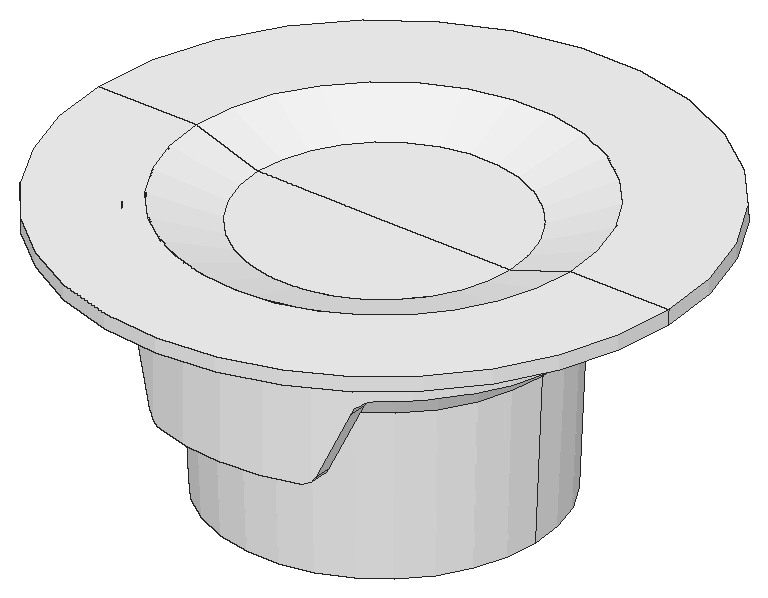
Revit family "0053587 Feilo Sylvania Lighting Fixture START SPOT LED DIM 4000K IP65 G2", category Lighting Fixtures, host Face, Revit 2017
Family settings
  Host = Face
  Round Connector Dimension = Use Diameter
  Part Type = Normal
  OmniClass Number = 23.80.70.00
  OmniClass Title = Lighting
  Cut with Voids When Loaded = No
  Light Source = Yes
  Shared = No
  Room Calculation Point = No
Parameters (values of type "0053587 START SPOT LED DIM 4000K IP65 G2")
  Weight = "3.648 kg"
  Wattage Comments = ""
  Wattage = 7 W
  WarrantyStartDate [instance] = "n/a"
  WarrantyGuarantorParts = "n/a"
  WarrantyDurationUnit = "n/a"
  WarrantyDurationParts = "n/a"
  WarrantyDescription = "n/a"
  built-in parameter 1150110 = 1 (stored number, unit not read)
  Voltage = 230 V
  VisibilityTop_FEILO = no
  URL = "http://www.sylvania-lighting.com"
  TypeName = "START SPOT LED DIM 4000K IP65 G2"
  Type Image = <None>
  Type Comments = "n/a"
  built-in parameter 1114217 = 1 (stored number, unit not read)
  Tilt Angle = -90.00°
  built-in parameter 1150109 = 1 (stored number, unit not read)
  built-in parameter 1150134 = 12
  built-in parameter 1150113 = 1 (stored number, unit not read)
  SerialNumber [instance] = "n/a"
  RadiusOptics_FEILO = 98.5 mm
  RadiusDiffuser_FEILO = 19 mm
  RadiusCutout_FEILO = 36 mm
  Photometric Web File = "0053587.ies"
  Material_3_FEILO = none
  PowerFactor = 0
  PowerConsumption = "7 W"
  NominalLength = 41 mm
  NominalHeight = 41 mm
  NominalDepth = 86 mm
  Name = "START SPOT LED DIM 4000K IP65 G2"
  ModelReference = Name  # "START SPOT LED DIM 4000K IP65 G2"
  ModelNumber = "0053587"
  Model = Name  # "START SPOT LED DIM 4000K IP65 G2"
  Material = "n/a"
  ManufacturerName = "Feilo Sylvania"
  Manufacturer = "Feilo Sylvania"
  LuminousEfficacy = "82.85 lm/W"
  built-in parameter 1150105 = 46.155 (stored number, unit not read)
  Lumens = 580 lm
  LuminaireType = ""
  built-in parameter 1150115 = 1 (stored number, unit not read)
  LightOutputRatio = "n/a"
  built-in parameter 1150137 = (empty or 0)
  built-in parameter 1150139 = (empty or 0)
  LampsType = Lamp  # "LED"
  LampNominalLuminous = "580 lm"
  LampMacAdamStep = "n/a"
  LampColourTemperature = "4000 K"
  LampColourRenderingIndex = "80"
  built-in parameter 1150112 = 1 (stored number, unit not read)
  built-in parameter 1150114 = 1 (stored number, unit not read)
  Lamp = "LED"
  Keynote = "16500"
  InstallationDate [instance] = "n/a"
  InputVoltage = "220-240V~"
  InputNominalFrequency = "50/60 Hz"
  built-in parameter 1150132 = (empty or 0)
  built-in parameter 1150102 = (empty or 0)
  built-in parameter 1150107 = 4000 (stored number, unit not read)
  built-in parameter 1150138 = (empty or 0)
  IngressProtection = "IP65"
  ImpactProtectionIndex = "IK03"
  built-in parameter 1150106 = 0.46155 (stored number, unit not read)
  IfcExportType = "IfcLightFixtureType"
  IfcExportAs = "IfcLightFixtureType"
  HeightBezel_FEILO = 2 mm
  ExpectedLife = 50000
  Emit from Circle Diameter = 38 mm
  Emit Shape Visible in Rendering = no
  ElectricShockClassification = "Class II"
  built-in parameter 1150104 = 7.6977 (stored number, unit not read)
  DurationUnit = "hours"
  DocumentationLiterature = "http://www.sylvania-lighting.com/product/en-int/products/0053587"
  DimmingControlOptions = "n/a"
  Material_2_FEILO = LED-Sylvania-StartSpot
  Dimming Lamp Color Temperature Shift = <None>
  DiameterBezel_FEILO = 86 mm
  Description = "Integrated dimmable LED IP65 fixed downlight, RAL9016, 580LM, 7W, 4000K, 100 degree beam angle, polycarbonate white body, low profile 41mm recessed depth, 86mm bezel diameter, 65-74mm cutout, frosted lens."
  DepthDiffuser_FEILO = 3 mm
  Default Elevation = 1219.2 mm
  CreatedOn = "2/14/2018"
  CreatedBy = ""
  Cost = 0
  Color Filter = 16777215
  built-in parameter 1114216 [instance] = (empty or 0)
  ClassificationValue = "EF_70_80"
  ClassificationName = "Uniclass2015"
  Material_1_FEILO = Body-Sylvania-StartSpot-White
  BarCode [instance] = "n/a"
  built-in parameter 1114218 = 1 (stored number, unit not read)
  built-in parameter 1150133 = 10 (stored number, unit not read)
  AssetType = "Fixed"
  AssetIdentifier [instance] = "n/a"
  Assembly Code = "D5020200"
  Apparent Load = 7 VA
  Material_4_FEILO = none
Reference planes
  plane 1 "Center (Front/Back)": y = 0
  plane 2: z = 0
  plane 3 "Center (Left/Right)": x = 0
  plane 4: x = -43
  plane 5: x = 43
  plane 6: z = 2
  plane 7: z = -8
  plane 8: z = -10
  plane 9: z = -13.5
  plane 10: z = -36.5
  plane 11: z = -55
  plane 12: z = -67.625
  plane 13: x = -19
  plane 14: x = -21.5
  plane 15: x = -24
  plane 16: x = -26
  plane 17: x = -31
  plane 18: x = -17
  plane 19: z = -20
  plane 20: z = -1
  plane 21: x = -19
  plane 22: x = -29
  plane 23: x = -23
  plane 24: x = -27.2
  plane 25: x = -26
  plane 26: z = 1
  plane 27: z = 0
  plane 28: x = -12
  plane 29: y = 43
  plane 30: y = 43
  plane 31: y = -43
  plane 32: x = 31
  plane 33: x = 12
  plane 34: x = 17
  plane 35: z = -7
  plane 36: x = -36
  plane 37: x = -28.2
  plane 38: z = -57
Forms (mm)
  Revolve 1, solid, material "Body-Sylvania-StartSpot-White" <- "Material_1_FEILO"
    sketch origin (0, 0, 0) x (1, 0, 0) y (0, 0, 1)
      loop
        line (-28.2, 2) -> (-43, 2) -> (-43, 0) -> (-31, 0) -> (-31, -20) -> (-29, -20) -> (-29, -7) -> (0, -7) -> (0, -1) -> (-19, -1) -> (-28.2, 2)
      axis (0, 2) -> (0, -20)
    angle from 360 to 0
  Extrusion 2, void
    sketch origin (0, 0, 0) x (1, 0, 0) y (0, 0, 1)
      loop
        line (-31, -8) -> (-31, -20) -> (-10.333, -20)
        arc (-10.333, -20) -> (-11.72, -19.58) -> (-12.641, -18.462) r 2.5
        line (-12.641, -18.462) -> (-16.231, -9.846)
        arc (-16.231, -9.846) -> (-17.336, -8.504) -> (-19, -8) r 3
        line (-19, -8) -> (-31, -8)
      loop
        line (31, -8) -> (19, -8)
        arc (19, -8) -> (17.336, -8.504) -> (16.231, -9.846) r 3
        line (16.231, -9.846) -> (12.513, -18.769)
        arc (12.513, -18.769) -> (11.776, -19.664) -> (10.667, -20) r 2
        line (10.667, -20) -> (31, -20) -> (31, -8)
    from -43 to 43
  Revolve 3, void
    sketch origin (0, 0, 0) x (1, 0, 0) y (0, 0, 1)
      loop
        line (-36, 0) -> (-36, -67.625) -> (0, -67.625) -> (0, 0) -> (-36, 0)
      axis (0, 0) -> (0, -67.625)
    angle from 360 to 0
  Revolve 4, solid, material "Body-Sylvania-StartSpot-White" <- "Material_1_FEILO"
    sketch origin (0, 0, 0) x (1, 0, 0) y (0, 0, 1)
      loop
        line (-26, -7) -> (-26, -10) -> (-24, -13.5) -> (-23, -36.5) -> (0, -36.5) -> (0, -7) -> (-26, -7)
      axis (0, -7) -> (0, -36.5)
    angle from 360 to 0
  Revolve 5, solid, material "Body-Sylvania-StartSpot-White" <- "Material_1_FEILO", visible <- "VisibilityTop_FEILO"
    sketch origin (0, 0, 0) x (1, 0, 0) y (0, 0, 1)
      loop
        line (-23, -36.5) -> (-21.5, -55)
        arc (-21.5, -55) -> (-20.601, -56.438) -> (-19, -57) r 2.562
        line (-19, -57) -> (0, -57) -> (0, -36.5) -> (-23, -36.5)
      axis (0, -36.5) -> (0, -57)
    angle from 360 to 0
Cuts and joins
  Extrusion 2 cuts Revolve 1
Lines and regions (mm)
  reference lines
    curve 1: line (-17, 0, -8) -> (-12, 0, -20)
    curve 2: line (17, 0, -8) -> (12, 0, -20)
Dimensions and locks
  equal spacing: plane 5, plane 3 "Center (Left/Right)", plane 4
  "DiameterBezel_FEILO": plane 5 to plane 4
  "HeightBezel_FEILO": plane 6 to plane 2
  plane 3 "Center (Left/Right)" to plane 13 to plane 14 to plane 15 to plane 16 to plane 17 to plane 4 = 19 mm, 2.5 mm, 2.5 mm, 2 mm, 5 mm, 12 mm
  plane 2 to plane 7 to plane 8 to plane 9 to plane 19 to plane 10 to plane 11 to plane 12 = 8 mm locked, 2 mm locked, 3.5 mm locked, 6.5 mm locked, 16.5 mm locked, 18.5 mm locked, 12.625 mm locked
  "DepthDiffuser_FEILO": plane 6 to plane 20
  "RadiusDiffuser_FEILO": plane 3 "Center (Left/Right)" to plane 21
  locked: plane 22 to plane 17 at 2
  locked: plane 23 to plane 15 at 1
  locked: plane 25 to plane 24 at 1.2
  locked: plane 6 to plane 26 at 1
  locked: plane 27 to plane 20 at 1
  locked: plane 3 "Center (Left/Right)" to plane 28 at 12
  equal spacing: plane 31, plane 1 "Center (Front/Back)", plane 30
  "DiameterBezel_FEILO": plane 31 to plane 30
  locked: plane 32 to plane 3 "Center (Left/Right)" at 31
  locked: plane 33 to plane 3 "Center (Left/Right)" at 12
  locked: plane 34 to plane 3 "Center (Left/Right)" at 17
  locked: plane 6 to plane 35 at 9
  "RadiusCutout_FEILO": plane 3 "Center (Left/Right)" to plane 36
  locked: plane 24 to plane 37 at 1
  locked: plane 11 to plane 38 at 2
  locked: plane 3 "Center (Left/Right)" to Revolve 5 sketch curve at 19
  locked: Revolve 5 sketch curve to plane 38 at 2.563
  aligned and locked: plane 2 to host face
  aligned and locked: level to host face
  aligned and locked: Revolve 1 sketch curve to plane 3 "Center (Left/Right)"
  aligned and locked: Revolve 1 sketch curve to plane 17
  aligned and locked: plane 7 to curve 1
  aligned and locked: plane 18 to curve 1
  aligned and locked: plane 28 to curve 1
  aligned and locked: plane 19 to curve 1
  aligned and locked: plane 7 to Extrusion 2 sketch curve  (x2)
  aligned and locked: curve 1 to Extrusion 2 sketch curve
  aligned and locked: Extrusion 2 sketch curve to Revolve 1
  aligned and locked: plane 7 to curve 2
  aligned and locked: plane 19 to curve 2
  aligned and locked: Extrusion 2 sketch curve to plane 32
  aligned and locked: Extrusion 2 sketch curve to curve 2
  aligned and locked: plane 19 to Extrusion 2 sketch curve
  aligned and locked: Extrusion 2 sketch curve to plane 19
  aligned and locked: Revolve 3 sketch curve to level
  aligned and locked: Revolve 3 sketch curve to plane 3 "Center (Left/Right)"  (x2)
  aligned and locked: plane 36 to Revolve 3 sketch curve
  aligned and locked: plane 25 to plane 16
  aligned and locked: Revolve 1 sketch curve to plane 6
  aligned and locked: Revolve 1 sketch curve to plane 22
  aligned and locked: Revolve 3 sketch curve to plane 12
  aligned and locked: Revolve 1 sketch curve to plane 20
  aligned and locked: plane 37 to Revolve 1 sketch curve
  aligned and locked: Revolve 4 sketch curve to plane 3 "Center (Left/Right)"
  aligned and locked: Revolve 4 sketch curve to plane 16
  aligned and locked: plane 35 to Revolve 4 sketch curve
  aligned and locked: plane 15 to Revolve 4 sketch curve
  aligned and locked: plane 23 to Revolve 4 sketch curve
  aligned and locked: plane 10 to Revolve 4 sketch curve
  aligned and locked: plane 3 "Center (Left/Right)" to Revolve 4 sketch curve
  aligned and locked: Revolve 5 sketch curve to plane 3 "Center (Left/Right)"
  aligned and locked: plane 11 to Revolve 5 sketch curve
  aligned and locked: Revolve 5 sketch curve to Revolve 4  (x2)
  aligned and locked: plane 3 "Center (Left/Right)" to Revolve 5 sketch curve
  aligned and locked: Revolve 5 sketch curve to plane 38
  aligned and locked: imposter light to plane 20
  aligned and locked: plane 3 "Center (Left/Right)" to imposter light
  aligned and locked: imposter light to plane 1 "Center (Front/Back)"
Automatic sketch dimensions
  host sketch curve to host sketch curve = 2438.4 mm  (x2)
  curve 2 to plane 33 = 0 mm
  curve 2 to plane 34 = 0 mm
  Extrusion 2 sketch curve to plane 13 = 0 mm
  Extrusion 2 sketch curve to plane 8 = 0.154 mm  (x2)
  Extrusion 2 sketch curve to plane 28 = 0.641 mm
  plane 28 to Extrusion 2 sketch curve = 1.667 mm
  Extrusion 2 sketch curve to plane 33 = 1.333 mm
  plane 33 to Extrusion 2 sketch curve = 0.513 mm
  plane 34 to Extrusion 2 sketch curve = 2 mm
  plane 12 to Revolve 3 sketch curve = 551.6 mm
  Revolve 3 sketch curve to plane 6 = 2607.058 mm
  Revolve 1 sketch curve to plane 4 = 0 mm
  Revolve 1 sketch curve to plane 21 = 0 mm
  Revolve 1 sketch curve to plane 3 "Center (Left/Right)" = 0 mm
  Revolve 1 sketch curve to plane 19 = 0 mm
  Revolve 1 sketch curve to plane 35 = 0 mm
  Revolve 1 sketch curve to level = 0 mm
  plane 12 to Revolve 1 sketch curve = 551.6 mm
  Revolve 1 sketch curve to plane 6 = 2606.058 mm
  Revolve 4 sketch curve to plane 9 = 0 mm
  Revolve 4 sketch curve to plane 8 = 0 mm
  plane 12 to Revolve 4 sketch curve = 541.975 mm
  Revolve 4 sketch curve to plane 6 = 2607.058 mm
  plane 12 to Revolve 5 sketch curve = 541.975 mm
  Revolve 5 sketch curve to plane 6 = 2607.058 mm
Connectors
  electrical at (0, 0, 0), driven by "Apparent Load", driven by "PowerFactor", driven by "Voltage"
    settings: index 1, voltage 230 V, apparent load 7 VA, apparent load phase1 0 VA, apparent load phase2 0 VA, apparent load phase3 0 VA, power factor 0, load classification "Lighting", number of poles 1, system type 30, power factor state 1, is connector primary yes, connector utility no, sub classification motor no, connector description ""
